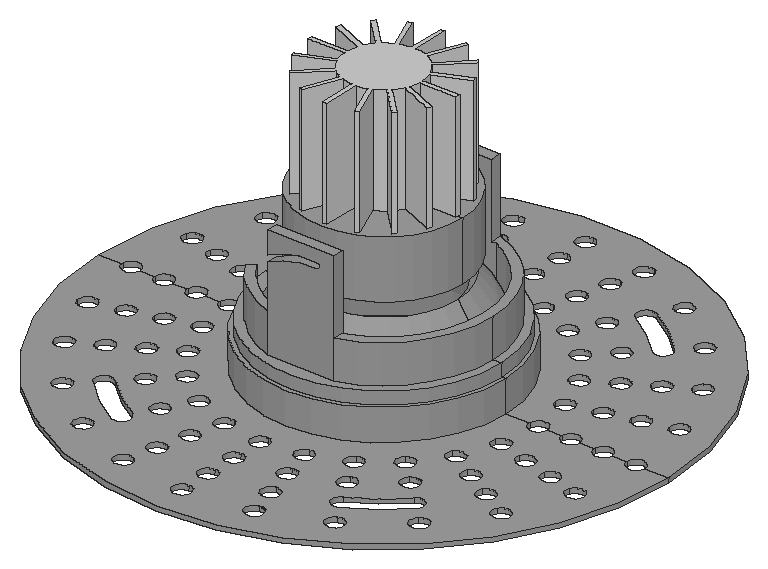
Revit family "Alcon-14074-RS-Revit-Family", category Lighting Fixtures, host Ceiling, Revit 2021
Family settings
  Host = Ceiling
  Round Connector Dimension = Use Diameter
  Part Type = Normal
  Always vertical = Yes
  Cut with Voids When Loaded = No
  Light Source = Yes
  Shared = No
  Room Calculation Point = No
Parameters
  Wattage = 9.2903 W
  built-in parameter 1150110 = 1 (stored number, unit not read)
  built-in parameter 1114217 = 1 (stored number, unit not read)
  Tilt Angle = 60.00°
  built-in parameter 1150109 = 1 (stored number, unit not read)
  built-in parameter 1150134 = 3
  built-in parameter 1150113 = 1 (stored number, unit not read)
  built-in parameter 1010507 = 1.5708 (stored number, unit not read)
  built-in parameter 1010506 = 0.5236 (stored number, unit not read)
  Product Identity = "Alcon Light 14074-RS"
  Mud Ring = Default
  Manufacturer = "Alcon Light"
  built-in parameter 1150105 = 4614.1 (stored number, unit not read)
  Lumens = 1380 lm
  built-in parameter 1150115 = 1 (stored number, unit not read)
  Link To Product Page = "https://www.alconlighting.com/14074-rs.html"
  Light Source Symbol Length = 10' - 0"
  Light Source = Light Source
  built-in parameter 1150137 = (empty or 0)
  built-in parameter 1150139 = (empty or 0)
  Engine = Engine
  built-in parameter 1150112 = 1 (stored number, unit not read)
  built-in parameter 1150114 = 1 (stored number, unit not read)
  built-in parameter 1150132 = (empty or 0)
  built-in parameter 1150102 = (empty or 0)
  built-in parameter 1150107 = 3200 (stored number, unit not read)
  built-in parameter 1150138 = (empty or 0)
  built-in parameter 1150106 = 46.141 (stored number, unit not read)
  Housing = Default
  built-in parameter 1150104 = 13.8 (stored number, unit not read)
  Dimming Lamp Color Temperature Shift = (empty or 0)
  Default Elevation = 0' - 0"
  Color Filter = 16777215
  built-in parameter 1114218 = 1 (stored number, unit not read)
  built-in parameter 1150133 = 10 (stored number, unit not read)
Reference planes (in)
  plane 1 "Center (Front/Back)": y = 0
  plane 2 "Ceiling": z = 96
  plane 3 "Center (Left/Right)": x = 0
Forms (in)
  Revolve 1, solid, material "Default" <- "Housing"
    sketch origin (0, 0, 96) x (1, 0, 0) y (0, 0, 1)
      loop
        line (1.625, 0) -> (1.625, 0.79556) -> (1.404, 0.79556)
        arc (1.404, 0.79556) -> (1.2362, 1.0968) -> (1.02842, 1.37199) r 2.49132
        line (1.02842, 1.37199) -> (0.93325, 1.27682)
        arc (0.93325, 1.27682) -> (1.29438, 0.67745) -> (1.46964, 0) r 2.42882
        line (1.46964, 0) -> (1.625, 0)
      axis (0, 0) -> (0, 1.37199)
    angle from 0 to 360
  Extrusion 2, solid, material "Engine" <- "Engine"
    sketch origin (0, 0, 36.63839) x (1, 0, 0) y (0, 1, 0)
      loop
        arc (-0.36526, 0.95487) -> (-0.39124, 0.94453) -> (-0.41692, 0.93348) r 1.02235
        line (-0.41692, 0.93348) -> (-0.22521, 0.47067)
        arc (-0.22521, 0.47067) -> (-0.28988, 0.43384) -> (-0.34865, 0.38819) r 0.52177
        line (-0.34865, 0.38819) -> (-0.70287, 0.74241)
        arc (-0.70287, 0.74241) -> (-0.72291, 0.72291) -> (-0.74241, 0.70287) r 1.02235
        line (-0.74241, 0.70287) -> (-0.38819, 0.34865)
        arc (-0.38819, 0.34865) -> (-0.43384, 0.28988) -> (-0.47067, 0.22521) r 0.52177
        line (-0.47067, 0.22521) -> (-0.93348, 0.41692)
        arc (-0.93348, 0.41692) -> (-0.94453, 0.39124) -> (-0.95487, 0.36526) r 1.02235
        line (-0.95487, 0.36526) -> (-0.49206, 0.17356)
        arc (-0.49206, 0.17356) -> (-0.51175, 0.10179) -> (-0.52102, 0.02795) r 0.52177
        line (-0.52102, 0.02795) -> (-1.02197, 0.02795)
        arc (-1.02197, 0.02795) -> (-1.02235, 0) -> (-1.02197, -0.02795) r 1.02235
        line (-1.02197, -0.02795) -> (-0.52102, -0.02795)
        arc (-0.52102, -0.02795) -> (-0.51175, -0.10179) -> (-0.49206, -0.17356) r 0.52177
        line (-0.49206, -0.17356) -> (-0.95487, -0.36526)
        arc (-0.95487, -0.36526) -> (-0.94453, -0.39124) -> (-0.93348, -0.41692) r 1.02235
        line (-0.93348, -0.41692) -> (-0.47067, -0.22521)
        arc (-0.47067, -0.22521) -> (-0.43384, -0.28988) -> (-0.38819, -0.34865) r 0.52177
        line (-0.38819, -0.34865) -> (-0.74241, -0.70287)
        arc (-0.74241, -0.70287) -> (-0.72291, -0.72291) -> (-0.70287, -0.74241) r 1.02235
        line (-0.70287, -0.74241) -> (-0.34865, -0.38819)
        arc (-0.34865, -0.38819) -> (-0.28988, -0.43384) -> (-0.22521, -0.47067) r 0.52177
        line (-0.22521, -0.47067) -> (-0.41692, -0.93348)
        arc (-0.41692, -0.93348) -> (-0.39124, -0.94453) -> (-0.36526, -0.95487) r 1.02235
        line (-0.36526, -0.95487) -> (-0.17356, -0.49206)
        arc (-0.17356, -0.49206) -> (-0.10179, -0.51175) -> (-0.02795, -0.52102) r 0.52177
        line (-0.02795, -0.52102) -> (-0.02795, -1.02197)
        arc (-0.02795, -1.02197) -> (0, -1.02235) -> (0.02795, -1.02197) r 1.02235
        line (0.02795, -1.02197) -> (0.02795, -0.52102)
        arc (0.02795, -0.52102) -> (0.10179, -0.51175) -> (0.17356, -0.49206) r 0.52177
        line (0.17356, -0.49206) -> (0.36526, -0.95487)
        arc (0.36526, -0.95487) -> (0.39124, -0.94453) -> (0.41692, -0.93348) r 1.02235
        line (0.41692, -0.93348) -> (0.22521, -0.47067)
        arc (0.22521, -0.47067) -> (0.28988, -0.43384) -> (0.34865, -0.38819) r 0.52177
        line (0.34865, -0.38819) -> (0.70287, -0.74241)
        arc (0.70287, -0.74241) -> (0.72291, -0.72291) -> (0.74241, -0.70287) r 1.02235
        line (0.74241, -0.70287) -> (0.38819, -0.34865)
        arc (0.38819, -0.34865) -> (0.43384, -0.28988) -> (0.47067, -0.22521) r 0.52177
        line (0.47067, -0.22521) -> (0.93348, -0.41692)
        arc (0.93348, -0.41692) -> (0.94453, -0.39124) -> (0.95487, -0.36526) r 1.02235
        line (0.95487, -0.36526) -> (0.49206, -0.17356)
        arc (0.49206, -0.17356) -> (0.51175, -0.10179) -> (0.52102, -0.02795) r 0.52177
        line (0.52102, -0.02795) -> (1.02197, -0.02795)
        arc (1.02197, -0.02795) -> (1.02235, 0) -> (1.02197, 0.02795) r 1.02235
        line (1.02197, 0.02795) -> (0.52102, 0.02795)
        arc (0.52102, 0.02795) -> (0.51175, 0.10179) -> (0.49206, 0.17356) r 0.52177
        line (0.49206, 0.17356) -> (0.95487, 0.36526)
        arc (0.95487, 0.36526) -> (0.94453, 0.39124) -> (0.93348, 0.41692) r 1.02235
        line (0.93348, 0.41692) -> (0.47067, 0.22521)
        arc (0.47067, 0.22521) -> (0.43384, 0.28988) -> (0.38819, 0.34865) r 0.52177
        line (0.38819, 0.34865) -> (0.74241, 0.70287)
        arc (0.74241, 0.70287) -> (0.72291, 0.72291) -> (0.70287, 0.74241) r 1.02235
        line (0.70287, 0.74241) -> (0.34865, 0.38819)
        arc (0.34865, 0.38819) -> (0.28988, 0.43384) -> (0.22521, 0.47067) r 0.52177
        line (0.22521, 0.47067) -> (0.41692, 0.93348)
        arc (0.41692, 0.93348) -> (0.39124, 0.94453) -> (0.36526, 0.95487) r 1.02235
        line (0.36526, 0.95487) -> (0.17356, 0.49206)
        arc (0.17356, 0.49206) -> (0.10179, 0.51175) -> (0.02795, 0.52102) r 0.52177
        line (0.02795, 0.52102) -> (0.02795, 1.02197)
        arc (0.02795, 1.02197) -> (0, 1.02235) -> (-0.02795, 1.02197) r 1.02235
        line (-0.02795, 1.02197) -> (-0.02795, 0.52102)
        arc (-0.02795, 0.52102) -> (-0.10179, 0.51175) -> (-0.17356, 0.49206) r 0.52177
        line (-0.17356, 0.49206) -> (-0.36526, 0.95487)
    from 61.76517 to 63.25755
  Extrusion 3, void
    sketch origin (0, 0, 96) x (1, 0, 0) y (0, 1, 0)
      loop
        circle (0, 0) r 1.625
    from -0.09612 to 0.79556
  Extrusion 4, void
    sketch origin (0, 0, 96) x (1, 0, 0) y (0, 1, 0)
      loop
        circle (0, -2.1375) r 0.125
      loop
        circle (0, -2.5875) r 0.125
      loop
        circle (0, -3.0375) r 0.125
      loop
        circle (0, -3.4875) r 0.125
      loop
        circle (-0.55323, 2.06467) r 0.125
      loop
        circle (-0.66969, 2.49933) r 0.125
      loop
        circle (-0.78616, 2.934) r 0.125
      loop
        circle (-0.90263, 3.36867) r 0.125
      loop
        circle (0, 2.1375) r 0.125
      loop
        circle (0, 2.5875) r 0.125
      loop
        circle (0, 3.0375) r 0.125
      loop
        circle (0, 3.4875) r 0.125
      loop
        circle (0.55323, 2.06467) r 0.125
      loop
        circle (0.66969, 2.49933) r 0.125
      loop
        circle (0.78616, 2.934) r 0.125
      loop
        circle (0.90263, 3.36867) r 0.125
      loop
        circle (-0.55323, -2.06467) r 0.125
      loop
        circle (-0.66969, -2.49933) r 0.125
      loop
        circle (-0.78616, -2.934) r 0.125
      loop
        circle (-0.90263, -3.36867) r 0.125
      loop
        circle (0.55323, -2.06467) r 0.125
      loop
        circle (0.66969, -2.49933) r 0.125
      loop
        circle (0.78616, -2.934) r 0.125
      loop
        circle (0.90263, -3.36867) r 0.125
      loop
        circle (2.1375, 0) r 0.125
      loop
        circle (2.5875, 0) r 0.125
      loop
        circle (3.0375, 0) r 0.125
      loop
        circle (3.4875, 0) r 0.125
      loop
        circle (-2.06467, -0.55323) r 0.125
      loop
        circle (-2.49933, -0.66969) r 0.125
      loop
        circle (-2.934, -0.78616) r 0.125
      loop
        circle (-3.36867, -0.90263) r 0.125
      loop
        circle (-2.1375, 0) r 0.125
      loop
        circle (-2.5875, 0) r 0.125
      loop
        circle (-3.0375, 0) r 0.125
      loop
        circle (-3.4875, 0) r 0.125
      loop
        circle (-2.06467, 0.55323) r 0.125
      loop
        circle (-2.49933, 0.66969) r 0.125
      loop
        circle (-2.934, 0.78616) r 0.125
      loop
        circle (-3.36867, 0.90263) r 0.125
      loop
        circle (2.06467, -0.55323) r 0.125
      loop
        circle (2.49933, -0.66969) r 0.125
      loop
        circle (2.934, -0.78616) r 0.125
      loop
        circle (3.36867, -0.90263) r 0.125
      loop
        circle (2.06467, 0.55323) r 0.125
      loop
        circle (2.49933, 0.66969) r 0.125
      loop
        circle (2.934, 0.78616) r 0.125
      loop
        circle (3.36867, 0.90263) r 0.125
      loop
        circle (1.51144, -1.51144) r 0.125
      loop
        circle (1.82964, -1.82964) r 0.125
      loop
        circle (2.46603, -2.46603) r 0.125
      loop
        circle (-1.85113, 1.06875) r 0.125
      loop
        circle (-2.24084, 1.29375) r 0.125
      loop
        circle (-2.63055, 1.51875) r 0.125
      loop
        circle (-3.02026, 1.74375) r 0.125
      loop
        circle (-1.51144, 1.51144) r 0.125
      loop
        circle (-1.82964, 1.82964) r 0.125
      loop
        arc (-2.23623, 2.23623) -> (-2.23623, 2.05945) -> (-2.05945, 2.05945) r 0.125
        arc (-2.05945, 2.05945) -> (-1.77302, 2.31064) -> (-1.45625, 2.5223) r 2.9125
        arc (-1.45625, 2.5223) -> (-1.4105, 2.69305) -> (-1.58125, 2.73881) r 0.125
        arc (-1.58125, 2.73881) -> (-1.92521, 2.50898) -> (-2.23623, 2.23623) r 3.1625
      loop
        circle (-2.46603, 2.46603) r 0.125
      loop
        circle (-1.06875, 1.85113) r 0.125
      loop
        circle (-1.29375, 2.24084) r 0.125
      loop
        circle (-1.74375, 3.02026) r 0.125
      loop
        circle (1.06875, -1.85113) r 0.125
      loop
        circle (1.29375, -2.24084) r 0.125
      loop
        circle (1.74375, -3.02026) r 0.125
      loop
        circle (1.85113, -1.06875) r 0.125
      loop
        circle (2.24084, -1.29375) r 0.125
      loop
        circle (2.63055, -1.51875) r 0.125
      loop
        circle (3.02026, -1.74375) r 0.125
      loop
        circle (1.51144, 1.51144) r 0.125
      loop
        circle (1.82964, 1.82964) r 0.125
      loop
        arc (2.23623, 2.23623) -> (1.92521, 2.50898) -> (1.58125, 2.73881) r 3.1625
        arc (1.58125, 2.73881) -> (1.4105, 2.69305) -> (1.45625, 2.5223) r 0.125
        arc (1.45625, 2.5223) -> (1.77302, 2.31064) -> (2.05945, 2.05945) r 2.9125
        arc (2.05945, 2.05945) -> (2.23623, 2.05945) -> (2.23623, 2.23623) r 0.125
      loop
        circle (2.46603, 2.46603) r 0.125
      loop
        circle (-1.06875, -1.85113) r 0.125
      loop
        circle (-1.29375, -2.24084) r 0.125
      loop
        circle (-1.74375, -3.02026) r 0.125
      loop
        circle (-1.51144, -1.51144) r 0.125
      loop
        circle (-1.82964, -1.82964) r 0.125
      loop
        circle (-2.46603, -2.46603) r 0.125
      loop
        circle (-1.85113, -1.06875) r 0.125
      loop
        circle (-2.24084, -1.29375) r 0.125
      loop
        circle (-2.63055, -1.51875) r 0.125
      loop
        circle (-3.02026, -1.74375) r 0.125
      loop
        circle (1.85113, 1.06875) r 0.125
      loop
        circle (2.24084, 1.29375) r 0.125
      loop
        circle (2.63055, 1.51875) r 0.125
      loop
        circle (3.02026, 1.74375) r 0.125
      loop
        circle (1.06875, 1.85113) r 0.125
      loop
        circle (1.29375, 2.24084) r 0.125
      loop
        circle (1.74375, 3.02026) r 0.125
      loop
        arc (-2.23623, -2.23623) -> (-1.92521, -2.50898) -> (-1.58125, -2.73881) r 3.1625
        arc (-1.58125, -2.73881) -> (-1.4105, -2.69305) -> (-1.45625, -2.5223) r 0.125
        arc (-1.45625, -2.5223) -> (-1.77302, -2.31064) -> (-2.05945, -2.05945) r 2.9125
        arc (-2.05945, -2.05945) -> (-2.23623, -2.05945) -> (-2.23623, -2.23623) r 0.125
      loop
        arc (2.23623, -2.23623) -> (2.23623, -2.05945) -> (2.05945, -2.05945) r 0.125
        arc (2.05945, -2.05945) -> (1.77302, -2.31064) -> (1.45625, -2.5223) r 2.9125
        arc (1.45625, -2.5223) -> (1.4105, -2.69305) -> (1.58125, -2.73881) r 0.125
        arc (1.58125, -2.73881) -> (1.92521, -2.50898) -> (2.23623, -2.23623) r 3.1625
    from 0.125 to 0.1875
  Revolve 5, solid, material "Default" <- "Mud Ring"
    sketch origin (0, 0, 0.0625) x (1, 0, 0) y (0, 0, 1)
      loop
        line (1.625, 96) -> (1.6875, 96) -> (1.6875, 96.0625) -> (3.9375, 96.0625) -> (3.9375, 96.125) -> (1.6875, 96.125) -> (1.6875, 96.5625) -> (1.625, 96.5625) -> (1.625, 96)
      axis (0, 96.5625) -> (0, 96)
    angle from 0 to 360
  Extrusion 6, solid, material "Default" <- "Housing"
    sketch origin (0, 0, 96) x (1, 0, 0) y (0, 1, 0)
      loop
        arc (1.5087, 0) -> (1.2185, 0.88963) -> (0.45952, 1.43702) r 1.5087
        line (0.45952, 1.43702) -> (-0.45952, 1.43702)
        arc (-0.45952, 1.43702) -> (-0.80272, 1.27742) -> (-1.0954, 1.03743) r 1.5087
        line (-1.0954, 1.03743) -> (-1.00698, 0.94901)
        arc (-1.00698, 0.94901) -> (-0.78073, 1.14241) -> (-0.51835, 1.28294) r 1.3837
        line (-0.51835, 1.28294) -> (0.51835, 1.28294)
        arc (0.51835, 1.28294) -> (1.14714, 0.77375) -> (1.3837, 0) r 1.3837
        arc (1.3837, 0) -> (1.14714, -0.77375) -> (0.51835, -1.28294) r 1.3837
        line (0.51835, -1.28294) -> (-0.51835, -1.28294)
        arc (-0.51835, -1.28294) -> (-0.90303, -1.04841) -> (-1.19198, -0.70271) r 1.3837
        line (-1.19198, -0.70271) -> (-1.29966, -0.76619)
        arc (-1.29966, -0.76619) -> (-0.94137, -1.17898) -> (-0.45952, -1.43702) r 1.5087
        line (-0.45952, -1.43702) -> (0.45952, -1.43702)
        arc (0.45952, -1.43702) -> (1.2185, -0.88963) -> (1.5087, 0) r 1.5087
    from 0.79556 to 1.32768
  Extrusion 7, solid, material "Default" <- "Housing"
    sketch origin (0, 0, 0) x (1, 0, 0) y (0, 0, 1)
      loop
        line (-0.45952, 97.32768) -> (0.45952, 97.32768) -> (0.45952, 98.3412) -> (-0.45952, 98.3412) -> (-0.45952, 98.03713)
        arc (-0.45952, 98.03713) -> (-0.12444, 98.15643) -> (0.23015, 98.18431) r 1.35335
        arc (0.23015, 98.18431) -> (0.26692, 98.14133) -> (0.2259, 98.10239) r 0.04107
        arc (0.2259, 98.10239) -> (-0.12797, 98.07162) -> (-0.45952, 97.94414) r 1.27132
        line (-0.45952, 97.94414) -> (-0.45952, 97.32768)
    from 1.28294 to 1.43702
  Revolve 8, solid, material "Default" <- "Housing"
    sketch origin (0, 0, 97.25) x (1, 0, 0) y (0, 0, 1)
      loop
        line (0, 1.15356) -> (0, 1.04735) -> (0.96519, 1.04735) -> (0.96519, 0.3459) -> (1.09485, 0.3459) -> (1.09485, 1.15356) -> (0, 1.15356)
      axis (0, 0.3459) -> (0, 1.15356)
    angle from 0 to 360
  Extrusion 9, solid, material "Default" <- "Housing"
    sketch origin (0, 0, 0) x (1, 0, 0) y (0, 0, -1)
      loop
        line (-0.45952, -97.32768) -> (-0.45952, -97.94414)
        arc (-0.45952, -97.94414) -> (-0.12797, -98.07162) -> (0.2259, -98.10239) r 1.27132
        arc (0.2259, -98.10239) -> (0.26692, -98.14133) -> (0.23015, -98.18431) r 0.04107
        arc (0.23015, -98.18431) -> (-0.12444, -98.15643) -> (-0.45952, -98.03713) r 1.35335
        line (-0.45952, -98.03713) -> (-0.45952, -98.3412) -> (0.45952, -98.3412) -> (0.45952, -97.32768) -> (-0.45952, -97.32768)
    from 1.28294 to 1.43702
  Extrusion 10, solid, material "Light Source" <- "Light Source"
    sketch origin (0, 0, 0) x (1, 0, 0) y (0, 1, 0)
      loop
        circle (0, 0) r 0.96519
    from 98.18271 to 98.29735
Cuts and joins
  Extrusion 4 cuts Revolve 5
  joined: Extrusion 6, Extrusion 7, Extrusion 9
Dimensions and locks (in)
  equal spacing: host sketch curve, plane 3 "Center (Left/Right)", host sketch curve
  equal spacing: host sketch curve, plane 1 "Center (Front/Back)", host sketch curve
  host sketch curve to host sketch curve = 10' - 0"  (x2)
